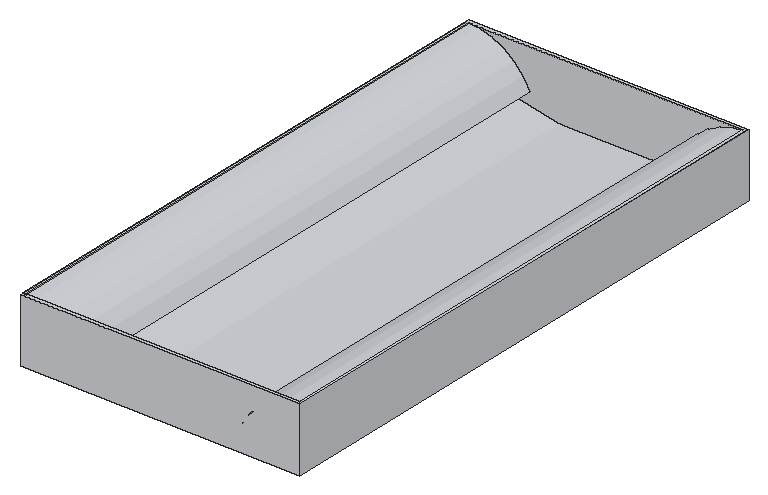
Revit family "f701bf7b3b5c4a468beec55d43896e39", category Lighting Fixtures, host Face, Revit 2021
Family settings
  Host = Face
  Round Connector Dimension = Use Diameter
  Part Type = Normal
  OmniClass Number = 23.80.70.11.14.17
  OmniClass Title = Direct/Indirect
  Seek Item ID = Recessed Direct-Indirect Light - Side-Mount Diffuser-0000-USA-ENU
  Cut with Voids When Loaded = No
  Light Source = Yes
  Shared = No
  Room Calculation Point = No
Parameters (values of type "48"(4 Lamp) - 277V")
  Wattage = 128 W
  built-in parameter 1150110 = 1 (stored number, unit not read)
  built-in parameter 1114217 = 0.88 (stored number, unit not read)
  built-in parameter 1150109 = 1 (stored number, unit not read)
  built-in parameter 1150134 = 8
  built-in parameter 1150113 = 1 (stored number, unit not read)
  Tilt Angle = -90.00°
  Lumens = 11399.7 lm
  built-in parameter 1150115 = 1 (stored number, unit not read)
  built-in parameter 1150105 = 907.16 (stored number, unit not read)
  Load Classification = Lighting - Dwelling Unit
  built-in parameter 1150137 = 1
  built-in parameter 1150139 = (empty or 0)
  Light Box Material = none
  Length 1 = (sqrt((Box Width / 2 - 0' 0 1/4") ^ 2 + (0' 2" - 0' 0 1/4") ^ 2) / 2) / sin(atan((0' 2" - 0' 0 1/4") / (Box Width / 2 - 0' 0 1/4")))  # 3' - 4.32143"
  built-in parameter 1150112 = 1 (stored number, unit not read)
  built-in parameter 1150114 = 1 (stored number, unit not read)
  Lamp = "T8"
  Photometric Web File = "484T8_SMD.ies"
  built-in parameter 1150132 = (empty or 0)
  built-in parameter 1150102 = (empty or 0)
  built-in parameter 1150138 = (empty or 0)
  built-in parameter 1150107 = 4230 (stored number, unit not read)
  built-in parameter 1150106 = 9.0716 (stored number, unit not read)
  Emit from Rectangle Width = Box Length - 0' 0 1/2"  # 3' - 11 1/2"
  Emit from Rectangle Length = Box Width - 0' 0 1/2"  # 1' - 11 1/2"
  Emit Shape Visible in Rendering = no
  built-in parameter 1150104 = 8.2739 (stored number, unit not read)
  Dimming Lamp Color Temperature Shift = <None>
  Diffuser Width = 0' - 6"
  Diffuser Material = none
  Default Elevation = 4' - 0"
  Color Filter = 16777215
  built-in parameter 1140040 [instance] = 1
  Box Width = 2' - 0"
  Box Length = 4' - 0"
  Box Height = 0' - 5 1/2"
  Ballast Voltage = 277 V
  Ballast Number of Poles = 1
  built-in parameter 1114218 = 0.88 (stored number, unit not read)
  built-in parameter 1150133 = 10 (stored number, unit not read)
  Apparent Load = 128 VA
Types (15): name | Wattage | built-in parameter 1150134 | Lumens | built-in parameter 1150105 | Length 1 | Lamp | Photometric Web File | built-in parameter 1150132 | built-in parameter 1150107 | built-in parameter 1150106 | Emit from Rectangle Width | Emit from Rectangle Length | built-in parameter 1150104 | Box Width | Box Length | Ballast Voltage | Apparent Load
  (no name) | 128 W | 8 | 11399.7 lm | 907.16 (stored number, unit not read) | 3' - 4.32143" | "T8" | "484T8_SMD.ies" | (empty or 0) | 4230 (stored number, unit not read) | 9.0716 (stored number, unit not read) | 3' - 11 1/2" | 1' - 11 1/2" | 8.2739 (stored number, unit not read) | 2' - 0" | 4' - 0" | 277 V | 128 VA
  22"(2 Lamp) - 120V | 48 W | 8 | 3519.84 lm | 280.1 (stored number, unit not read) | 3' - 4.32143" | "T5" | "222T5_SMD.ies" | (empty or 0) | 4230 (stored number, unit not read) | 2.801 (stored number, unit not read) | 1' - 11 1/2" | 1' - 11 1/2" | 6.8126 (stored number, unit not read) | 2' - 0" | 2' - 0" | 120 V | 48 VA
  22"(2 Lamp) - 277V | 48 W | 8 | 3519.84 lm | 280.1 (stored number, unit not read) | 3' - 4.32143" | "T5" | "222T5_SMD.ies" | (empty or 0) | 4230 (stored number, unit not read) | 2.801 (stored number, unit not read) | 1' - 11 1/2" | 1' - 11 1/2" | 6.8126 (stored number, unit not read) | 2' - 0" | 2' - 0" | 277 V | 48 VA
  46"(2 Lamp) - 120V | 108 W | 8 | 8900.28 lm | 708.26 (stored number, unit not read) | 0' - 10.32143" | "T5" | "462T5_SMD.ies" | (empty or 0) | 4230 (stored number, unit not read) | 7.0826 (stored number, unit not read) | 3' - 11 1/2" | 0' - 11 1/2" | 7.6561 (stored number, unit not read) | 1' - 0" | 4' - 0" | 120 V | 108 VA
  46"(2 Lamp) - 277V | 108 W | 8 | 8900.28 lm | 708.26 (stored number, unit not read) | 0' - 10.32143" | "T5" | "462T5_SMD.ies" | (empty or 0) | 4230 (stored number, unit not read) | 7.0826 (stored number, unit not read) | 3' - 11 1/2" | 0' - 11 1/2" | 7.6561 (stored number, unit not read) | 1' - 0" | 4' - 0" | 277 V | 108 VA
  22"(4 Lamp) - 120V | 96 W | 8 | 7039.68 lm | 560.2 (stored number, unit not read) | 3' - 4.32143" | "T5" | "224T5_SMD.ies" | 2 | 4230 (stored number, unit not read) | 5.602 (stored number, unit not read) | 1' - 11 1/2" | 1' - 11 1/2" | 6.8126 (stored number, unit not read) | 2' - 0" | 2' - 0" | 120 V | 96 VA
  22"(4 Lamp) - 277V | 96 W | (empty or 0) | 7039.68 lm | 560.2 (stored number, unit not read) | 3' - 4.32143" | "T5" | "224T5_SMD.ies" | (empty or 0) | 3000 (stored number, unit not read) | 5.602 (stored number, unit not read) | 1' - 11 1/2" | 1' - 11 1/2" | 6.8126 (stored number, unit not read) | 2' - 0" | 2' - 0" | 277 V | 96 VA
  46"(4 Lamp) - 120V | 216 W | 8 | 17800.6 lm | 1416.5 (stored number, unit not read) | 0' - 10.32143" | "T5" | "464T5_SMD.ies" | (empty or 0) | 4230 (stored number, unit not read) | 14.165 (stored number, unit not read) | 3' - 11 1/2" | 0' - 11 1/2" | 7.6561 (stored number, unit not read) | 1' - 0" | 4' - 0" | 120 V | 216 VA
  46"(4 Lamp) - 277V | 216 W | 8 | 17800.6 lm | 1416.5 (stored number, unit not read) | 0' - 10.32143" | "T5" | "464T5_SMD.IES" | (empty or 0) | 4230 (stored number, unit not read) | 14.165 (stored number, unit not read) | 3' - 11 1/2" | 0' - 11 1/2" | 7.6561 (stored number, unit not read) | 1' - 0" | 4' - 0" | 277 V | 216 VA
  48"(2 Lamp) - 120V | 64 W | 8 | 5699.84 lm | 453.58 (stored number, unit not read) | 3' - 4.32143" | "T8" | "482T8_SMD.ies" | (empty or 0) | 4230 (stored number, unit not read) | 4.5358 (stored number, unit not read) | 3' - 11 1/2" | 1' - 11 1/2" | 8.2739 (stored number, unit not read) | 2' - 0" | 4' - 0" | 120 V | 64 VA
  48"(2 Lamp) - 277V | 64 W | 8 | 5699.84 lm | 453.58 (stored number, unit not read) | 3' - 4.32143" | "T8" | "482T8_SMD.ies" | (empty or 0) | 4230 (stored number, unit not read) | 4.5358 (stored number, unit not read) | 3' - 11 1/2" | 1' - 11 1/2" | 8.2739 (stored number, unit not read) | 2' - 0" | 4' - 0" | 277 V | 64 VA
  22.5"(2 Lamp) - 120V | 80 W | 8 | 6300 lm | 501.34 (stored number, unit not read) | 3' - 4.32143" | "T5" | "2252T5_SMD.ies" | (empty or 0) | 4230 (stored number, unit not read) | 5.0134 (stored number, unit not read) | 1' - 11 1/2" | 1' - 11 1/2" | 7.3161 (stored number, unit not read) | 2' - 0" | 2' - 0" | 120 V | 80 VA
  22.5"(2 Lamp) - 277V | 80 W | 8 | 6300 lm | 501.34 (stored number, unit not read) | 3' - 4.32143" | "T5" | "2252T5_SMD.ies" | (empty or 0) | 4230 (stored number, unit not read) | 5.0134 (stored number, unit not read) | 1' - 11 1/2" | 1' - 11 1/2" | 7.3161 (stored number, unit not read) | 2' - 0" | 2' - 0" | 277 V | 80 VA
  48"(4 Lamp) - 120V | 128 W | 8 | 11399.7 lm | 907.16 (stored number, unit not read) | 3' - 4.32143" | "T8" | "484T8_SMD.ies" | (empty or 0) | 4230 (stored number, unit not read) | 9.0716 (stored number, unit not read) | 3' - 11 1/2" | 1' - 11 1/2" | 8.2739 (stored number, unit not read) | 2' - 0" | 4' - 0" | 120 V | 128 VA
  48"(4 Lamp) - 277V | 128 W | 8 | 11399.7 lm | 907.16 (stored number, unit not read) | 3' - 4.32143" | "T8" | "484T8_SMD.ies" | (empty or 0) | 4230 (stored number, unit not read) | 9.0716 (stored number, unit not read) | 3' - 11 1/2" | 1' - 11 1/2" | 8.2739 (stored number, unit not read) | 2' - 0" | 4' - 0" | 277 V | 128 VA
Reference planes (in)
  plane 1 "Center (Front/Back)": y = 0
  plane 2: z = 0
  plane 3 "Center (Left/Right)": x = 0
  plane 4: y = 24
  plane 5: y = -24
  plane 6: x = -12
  plane 7: x = 12
  plane 8: z = -5.5
  plane 9: x = -11.75
  plane 10: x = 11.75
  plane 11: z = -5.25
  plane 12: z = -3.5
  plane 13: y = 23.75
  plane 14: y = -23.75
  plane 15: z = -6
  plane 16: z = -0.25
Forms (in)
  Extrusion 1, solid, material <- "Light Box Material"
    sketch origin (0, 0, 0) x (1, 0, 0) y (0, 1, 0)
      loop
        line (-12, 24) -> (-12, -24) -> (12, -24) -> (12, 24) -> (-12, 24)
    from -5.5 to 0
  Extrusion 2, void
    sketch origin (0, 0, 0) x (1, 0, 0) y (0, 0, 1)
      loop
        line (-11.75, 0) -> (-11.75, -3.5)
        arc (-11.75, -3.5) -> (0, -5.25) -> (11.75, -3.5) r 40.32143
        line (11.75, -3.5) -> (11.75, 0) -> (-11.75, 0)
    from -23.75 to 23.75
  Extrusion 3, solid, material <- "Diffuser Material"
    sketch origin (0, 0, 0) x (1, 0, 0) y (0, 0, 1)
      loop
        line (-12, 0) -> (-12, -0.25)
        arc (-12, -0.25) -> (-8.94325, -1.12981) -> (-6.82192, -3.5) r 5.75
        line (-6.82192, -3.5) -> (-6.54564, -3.5)
        arc (-6.54564, -3.5) -> (-8.75963, -0.95025) -> (-12, 0) r 6
      loop
        arc (12, 0) -> (8.75963, -0.95025) -> (6.54564, -3.5) r 6
        line (6.54564, -3.5) -> (6.82192, -3.5)
        arc (6.82192, -3.5) -> (8.94325, -1.12981) -> (12, -0.25) r 5.75
        line (12, -0.25) -> (12, 0)
    from -23.75 to 23.75
Cuts and joins
  Extrusion 2 cuts Extrusion 1
Lines and regions (in)
  symbolic lines
    curve 1: line (-12, 24, 0) -> (12, 24, 0)
    curve 2: line (-12, -24, 0) -> (-12, 24, 0)
    curve 3: line (12, -24, 0) -> (-12, -24, 0)
    curve 4: line (12, 24, 0) -> (12, -24, 0)
  symbolic lines, detail levels coarse+medium
    curve 5: line (-12, 24, 0) -> (12, -24, 0)
Dimensions and locks (in)
  equal spacing: plane 4, plane 1 "Center (Front/Back)", plane 5
  "Box Length": plane 4 to plane 5
  equal spacing: plane 6, plane 3 "Center (Left/Right)", plane 7
  "Box Width": plane 6 to plane 7
  "Box Height": plane 2 to plane 8
  locked: plane 9 to plane 6 at 0.25
  locked: plane 7 to plane 10 at 0.25
  locked: plane 11 to plane 8 at 0.25
  locked: plane 12 to plane 8 at 2
  locked: plane 4 to plane 13 at 0.25
  locked: plane 14 to plane 5 at 0.25
  "Diffuser Width": plane 2 to plane 15
  locked: plane 2 to plane 16 at 0.25
  "Diffuser Width": radius of Extrusion 3 sketch curve  (x2)
  "Length 1": radius of Extrusion 2 sketch curve
  aligned and locked: plane 2 to host face
  aligned and locked: level to host face
  aligned and locked: plane 6 to Extrusion 1 sketch curve
  aligned and locked: Extrusion 1 sketch curve to plane 4
  aligned and locked: plane 5 to Extrusion 1 sketch curve
  aligned and locked: Extrusion 1 sketch curve to plane 7
  aligned and locked: Extrusion 1 to plane 8
  aligned and locked: plane 2 to Extrusion 1
  aligned and locked: Extrusion 2 sketch curve to plane 2
  aligned and locked: plane 13 to cut or joined group of Extrusion 1, Extrusion 2
  aligned and locked: cut or joined group of Extrusion 1, Extrusion 2 to plane 14
  aligned and locked: plane 6 to Extrusion 3 sketch curve  (x2)
  aligned and locked: plane 12 to Extrusion 3 sketch curve  (x2)
  aligned and locked: plane 2 to Extrusion 3 sketch curve  (x2)
  aligned and locked: plane 16 to Extrusion 3 sketch curve  (x2)
  aligned and locked: plane 12 to Extrusion 2 sketch curve  (x2)
  aligned and locked: Extrusion 2 sketch curve to plane 9
  aligned and locked: plane 2 to Extrusion 2 sketch curve
  aligned and locked: Extrusion 2 sketch curve to plane 10
  aligned and locked: plane 3 "Center (Left/Right)" to Extrusion 2 sketch curve
  aligned and locked: plane 7 to Extrusion 3 sketch curve  (x3)
  aligned and locked: plane 13 to Extrusion 3
  aligned and locked: Extrusion 3 to plane 14
  aligned and locked: curve 1 to plane 4
  aligned and locked: plane 6 to curve 2
  aligned and locked: plane 5 to curve 3
  aligned and locked: curve 4 to plane 7
  aligned and locked: plane 6 to curve 5
  aligned and locked: plane 7 to curve 5
  aligned and locked: plane 3 "Center (Left/Right)" to imposter light
  aligned and locked: plane 1 "Center (Front/Back)" to imposter light
  aligned and locked: plane 2 to imposter light
Automatic sketch dimensions
  host sketch curve to host sketch curve = 8' - 0"  (x2)
  Extrusion 3 sketch curve to Extrusion 3 sketch curve = 0' - 0"  (x2)
Connectors (in)
  electrical at (0, -24, -2.75), driven by "Apparent Load", driven by "Ballast Voltage", driven by "Ballast Number of Poles", driven by "Load Classification"
    settings: on cut or joined group of Extrusion 1, Extrusion 2, index 1, voltage 277 V, apparent load 0 VA, apparent load phase1 128 VA, apparent load phase2 0 VA, apparent load phase3 0 VA, power factor 0.95, load classification "Lighting - Dwelling Unit", number of poles 1, system type 31, power factor state 1, is connector primary yes, connector utility no, sub classification motor no, connector description ""
